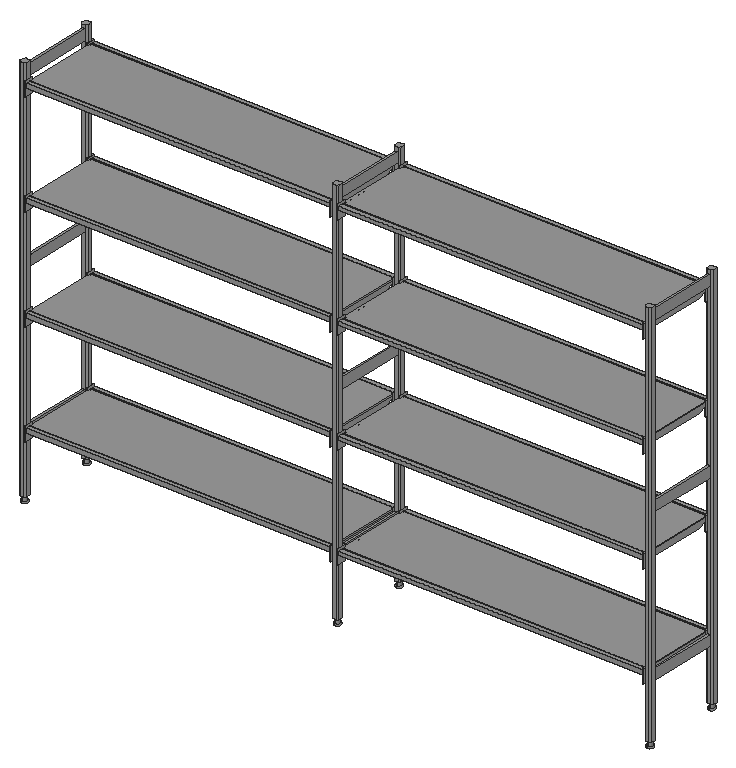
Revit family "QF_ZANUSSI_137028_ALS2760", category Attrezzature speciali, Revit 2020
Family settings
  Quota connettore circolare = Usa diametro
  Tipo di parte = Normale
  Basato su piano di lavoro = No
  Sempre verticale = Sì
  Taglio con vuoti quando caricato = No
  Condiviso = No
  Punto di calcolo locali = No
Parameters (values of type "Standard")
  Weight = 43.00 kg
  Watts = 0 W
  Volts = 0 V
  URL Manufacturer = "http://www.zanussiprofessional.com"
  URL = "http://www.zanussiprofessional.com"
  Steam Supply Size = 0 mm
  Steam Supply Minimum Pressure = 0.0 Pa
  Steam Supply Maximum Pressure = 0.0 Pa
  Steam Consumption per Hour = 0
  Refrigeration Suction Line Size = 0.0 mm
  Refrigeration Liquid Line Size = 0.0 mm
  Refrigerant Compressor Remote = yes
  Prospetto di default = 0.0 mm
  Phase = 0
  Modello = "ALS2760"
  Produttore = "Zanussi"
  Length Actual = 2760.0 mm  # constant formula
  Item Number = "137028"
  Hot Water Size = 0 mm
  Height Actual = 1700.0 mm  # constant formula
  HP = "0 HP"
  Gas Size = 0 mm
  Gas KW = 0
  Gas Input Pressure = 0 W
  Direct Waste Size = 0 mm
  Descrizione = "ALUM.LINEAR SHELV.-POLY.TIERS-373X2760MM"
  Depth Actual = 373.0 mm  # constant formula
  Cycle = 0 Hz
  Condensate Return Size = 0 mm
  Compressed Air Volume = 0.0 L/s
  Compressed Air Size = 0 mm
  Compressed Air Pressure = 0.0 Pa
  Cold Water Size = 0 mm
  Accessory = yes
Reference planes
  plane 1: z = 0
  plane 2 "CenterLeft": x = -31
  plane 3 "LEFT": x = -417
  plane 4 "BACK": y = 23
  plane 5 "FRONT": y = -350
  plane 6 "TOP": z = 1700
  plane 7: x = -385
  plane 8: x = 945
  plane 9 "Center (Front/Back)": y = -163.5
  plane 10: y = -8.5
  plane 11: y = -318.5
  plane 12 "FEET": z = 25
  plane 13: z = 275
  plane 14: z = 725
  plane 15: z = 1175
  plane 16: z = 1625
  plane 17 "CXLeft": x = -403
  plane 18 "Center (Left/Right)": x = 963
  plane 19: y = 5.5
  plane 20 "CYBack": y = 5.5
  plane 21 "CYFront": y = -332.5
  plane 22 "RIGHT": x = 2343
  plane 23: x = 2311
  plane 24 "CXRight": x = 2329
  plane 25: x = 981
Forms (mm)
  Extrusion 1, solid, material "QF_Aluminum"
    sketch origin (-417, 0, -4.006) x (0, 1, 0) y (0, 0, 1)
      loop
        line (-12, 1637.003) -> (4, 1637.003) -> (4, 1655) -> (2.007, 1655) -> (2.007, 1648.501) -> (-329, 1648.501) -> (-329, 1655) -> (-331, 1655) -> (-331, 1637.003) -> (-315, 1637.003) -> (-281, 1625) -> (-46, 1625) -> (-12, 1637.003)
      loop
        line (-12, 1187.003) -> (4, 1187.003) -> (4, 1205) -> (2.007, 1205) -> (2.007, 1198.501) -> (-329, 1198.501) -> (-329, 1205) -> (-331, 1205) -> (-331, 1187.003) -> (-315, 1187.003) -> (-281, 1175) -> (-46, 1175) -> (-12, 1187.003)
      loop
        line (-12, 737.003) -> (4, 737.003) -> (4, 755) -> (2.007, 755) -> (2.007, 748.501) -> (-329, 748.501) -> (-329, 755) -> (-331, 755) -> (-331, 737.003) -> (-315, 737.003) -> (-281, 725) -> (-46, 725) -> (-12, 737.003)
      loop
        line (-12, 287.003) -> (4, 287.003) -> (4, 305) -> (2.007, 305) -> (2.007, 298.501) -> (-329, 298.501) -> (-329, 305) -> (-331, 305) -> (-331, 287.003) -> (-315, 287.003) -> (-281, 275) -> (-46, 275) -> (-12, 287.003)
    from 37 to 32
  Extrusion 2, solid, material "QF_Aluminum"
    sketch origin (-417, 0, 0) x (0, 1, 0) y (0, 0, 1)
      loop
        line (23, 246.005) -> (23, 307.993) -> (-12.993, 307.993) -> (-12.993, 246.005) -> (23, 246.005)
      loop
        line (-350, 246.005) -> (-314.007, 246.005) -> (-314.007, 307.993) -> (-350, 307.993) -> (-350, 246.005)
      loop
        line (23, 696.005) -> (23, 757.993) -> (-12.993, 757.993) -> (-12.993, 696.005) -> (23, 696.005)
      loop
        line (-350, 696.005) -> (-314.007, 696.005) -> (-314.007, 757.993) -> (-350, 757.993) -> (-350, 696.005)
      loop
        line (23, 1146.005) -> (23, 1207.993) -> (-12.993, 1207.993) -> (-12.993, 1146.005) -> (23, 1146.005)
      loop
        line (-350, 1146.005) -> (-314.007, 1146.005) -> (-314.007, 1207.993) -> (-350, 1207.993) -> (-350, 1146.005)
      loop
        line (23, 1596.005) -> (23, 1657.993) -> (-12.993, 1657.993) -> (-12.993, 1596.005) -> (23, 1596.005)
      loop
        line (-350, 1596.005) -> (-314.007, 1596.005) -> (-314.007, 1657.993) -> (-350, 1657.993) -> (-350, 1596.005)
    from 28 to 32
  Extrusion 3, solid, material "QF_Aluminum"
    sketch origin (-417, 0, 0) x (0, 1, 0) y (0, 0, 1)
      loop
        line (4, 1650.994) -> (4, 1632.998) -> (23, 1632.998) -> (23, 1650.994) -> (4, 1650.994)
      loop
        line (-331, 1650.994) -> (-350, 1650.994) -> (-350, 1632.998) -> (-331, 1632.998) -> (-331, 1650.994)
      loop
        line (4, 1200.994) -> (4, 1182.998) -> (23, 1182.998) -> (23, 1200.994) -> (4, 1200.994)
      loop
        line (-331, 1200.994) -> (-350, 1200.994) -> (-350, 1182.998) -> (-331, 1182.998) -> (-331, 1200.994)
      loop
        line (4, 750.994) -> (4, 732.998) -> (23, 732.998) -> (23, 750.994) -> (4, 750.994)
      loop
        line (-331, 750.994) -> (-350, 750.994) -> (-350, 732.998) -> (-331, 732.998) -> (-331, 750.994)
      loop
        line (4, 300.994) -> (4, 282.998) -> (23, 282.998) -> (23, 300.994) -> (4, 300.994)
      loop
        line (-331, 300.994) -> (-350, 300.994) -> (-350, 282.998) -> (-331, 282.998) -> (-331, 300.994)
    from 32 to 1362
  Extrusion 4, solid, material "QF_Polyethylene"
    sketch origin (-417, 0, 0) x (0, 1, 0) y (0, 0, 1)
      loop
        line (2.007, 1650.994) -> (-329, 1650.994) -> (-329, 1644.496) -> (2.007, 1644.496) -> (2.007, 1650.994)
      loop
        line (2.007, 1200.994) -> (-329, 1200.994) -> (-329, 1194.496) -> (2.007, 1194.496) -> (2.007, 1200.994)
      loop
        line (2.007, 750.994) -> (-329, 750.994) -> (-329, 744.496) -> (2.007, 744.496) -> (2.007, 750.994)
      loop
        line (2.007, 300.994) -> (-329, 300.994) -> (-329, 294.496) -> (2.007, 294.496) -> (2.007, 300.994)
    from 32 to 1362
  Extrusion 5, solid, material "QF_Aluminum"
    sketch origin (2343, 0, 0) x (0, 1, 0) y (0, 0, 1)
      loop
        line (4, 1650.994) -> (4, 1632.998) -> (23, 1632.998) -> (23, 1650.994) -> (4, 1650.994)
      loop
        line (-331, 1650.994) -> (-350, 1650.994) -> (-350, 1632.998) -> (-331, 1632.998) -> (-331, 1650.994)
      loop
        line (4, 1200.994) -> (4, 1182.998) -> (23, 1182.998) -> (23, 1200.994) -> (4, 1200.994)
      loop
        line (-331, 1200.994) -> (-350, 1200.994) -> (-350, 1182.998) -> (-331, 1182.998) -> (-331, 1200.994)
      loop
        line (4, 750.994) -> (4, 732.998) -> (23, 732.998) -> (23, 750.994) -> (4, 750.994)
      loop
        line (-331, 750.994) -> (-350, 750.994) -> (-350, 732.998) -> (-331, 732.998) -> (-331, 750.994)
      loop
        line (4, 300.994) -> (4, 282.998) -> (23, 282.998) -> (23, 300.994) -> (4, 300.994)
      loop
        line (-331, 300.994) -> (-350, 300.994) -> (-350, 282.998) -> (-331, 282.998) -> (-331, 300.994)
    from -32 to -1362
  Extrusion 6, solid, material "QF_Polyethylene"
    sketch origin (2343, 0, 0) x (0, 1, 0) y (0, 0, 1)
      loop
        line (2.007, 1650.994) -> (-329, 1650.994) -> (-329, 1644.496) -> (2.007, 1644.496) -> (2.007, 1650.994)
      loop
        line (2.007, 1200.994) -> (-329, 1200.994) -> (-329, 1194.496) -> (2.007, 1194.496) -> (2.007, 1200.994)
      loop
        line (2.007, 750.994) -> (-329, 750.994) -> (-329, 744.496) -> (2.007, 744.496) -> (2.007, 750.994)
      loop
        line (2.007, 300.994) -> (-329, 300.994) -> (-329, 294.496) -> (2.007, 294.496) -> (2.007, 300.994)
    from -32 to -1362
Lines and regions (mm)
  symbolic lines
    curve 1: line (945, 4, 1700) -> (-385, 4, 1700)
    curve 2: line (-408, -8.5, 1700) -> (-408, -318.5, 1700)
    curve 3: line (-398, -318.5, 1700) -> (-398, -8.5, 1700)
    curve 4: line (-389, 23, 1700) -> (949, 23, 1700)
    curve 5: line (-385, -350, 1700) -> (945, -350, 1700)
    curve 6: line (977, 23, 1700) -> (2315, 23, 1700)
    curve 7: line (977, -350, 1700) -> (2315, -350, 1700)
    curve 8: line (-385, -331, 1700) -> (945, -331, 1700)
    curve 9: line (981, -331, 1700) -> (2311, -331, 1700)
    curve 10: line (981, 4, 1700) -> (2311, 4, 1700)
    curve 11: line (2311, -12.993, 1700) -> (2311, -314.007, 1700)
    curve 12: line (945, -12.993, 1700) -> (945, -314.007, 1700)
    curve 13: line (981, -314.007, 1700) -> (981, -12.993, 1700)
    curve 14: line (-385, -12.993, 1700) -> (-385, -314.007, 1700)
Dimensions and locks
  plane 3 "LEFT" to plane 2 "CenterLeft" = 386.0 mm
  locked: plane 6 "TOP" to level at 1700
  locked: plane 4 "BACK" to plane 5 "FRONT" at 373
  locked: plane 7 to plane 8 at 1330
  locked: plane 10 to plane 11 at 310
  equal spacing: plane 10, plane 9 "Center (Front/Back)", plane 11
  equal spacing: plane 4 "BACK", plane 9 "Center (Front/Back)", plane 5 "FRONT"
  plane 12 "FEET" to level = 25.0 mm
  plane 6 "TOP" to plane 12 "FEET" = 1675.0 mm
  plane 13 to plane 12 "FEET" = 250.0 mm
  plane 14 to plane 13 = 450.0 mm
  plane 15 to plane 14 = 450.0 mm
  plane 16 to plane 15 = 450.0 mm
  locked: plane 4 "BACK" to plane 20 "CYBack" at 17.5
  locked: plane 21 "CYFront" to plane 5 "FRONT" at 17.5
  locked: plane 4 "BACK" to Extrusion 1 at 19
  locked: Extrusion 1 to plane 5 "FRONT" at 19
  Extrusion 1 sketch curve to plane 21 "CYFront" = 3.5 mm
  plane 3 "LEFT" to plane 22 "RIGHT" = 2760.0 mm
  locked: plane 25 to plane 23 at 1330
  locked: plane 8 to plane 18 "Center (Left/Right)" at 18
  locked: plane 18 "Center (Left/Right)" to plane 25 at 18
  locked: plane 3 "LEFT" to plane 7 at 32
  locked: plane 24 "CXRight" to plane 22 "RIGHT" at 14
  aligned and locked: level to plane 1
  aligned and locked: plane 7 to Extrusion 1
  aligned and locked: Extrusion 2 to plane 7
  aligned and locked: plane 7 to Extrusion 4
  aligned and locked: Extrusion 4 to plane 8
  aligned and locked: plane 7 to Extrusion 3
  aligned and locked: Extrusion 3 to plane 8
  aligned and locked: Extrusion 3 sketch curve to Extrusion 1
  aligned and locked: Extrusion 1 to Extrusion 3 sketch curve
  aligned and locked: Extrusion 3 sketch curve to Extrusion 3 sketch curve  (x2)
  aligned and locked: Extrusion 1 sketch curve to Extrusion 1 sketch curve  (x3)
  aligned and locked: Extrusion 4 sketch curve to Extrusion 1  (x4)
  aligned and locked: Extrusion 5 sketch curve to Extrusion 5 sketch curve  (x2)
  aligned and locked: Extrusion 5 to plane 25
  aligned and locked: Extrusion 6 to plane 25
  aligned and locked: plane 18 "Center (Left/Right)" to nested 3
  aligned and locked: plane 17 "CXLeft" to nested 1
  aligned and locked: Extrusion 3 to plane 7  (x3)
  aligned and locked: plane 8 to Extrusion 3  (x4)
  aligned and locked: plane 25 to Extrusion 5  (x4)
  aligned and locked: plane 25 to Extrusion 6  (x4)
  aligned and locked: plane 8 to Extrusion 4  (x4)
  aligned and locked: plane 24 "CXRight" to nested 2
  aligned and locked: Extrusion 5 to plane 23
  aligned and locked: Extrusion 6 to plane 23
  aligned and locked: plane 23 to Extrusion 5  (x3)
  aligned and locked: plane 23 to Extrusion 6  (x3)
Automatic sketch dimensions
  plane 21 "CYFront" to Extrusion 1 sketch curve = 1.5 mm  (x4)
  plane 11 to Extrusion 1 sketch curve = 3.5 mm  (x4)
  Extrusion 1 sketch curve to plane 13 = 4.006 mm
  Extrusion 1 sketch curve to Extrusion 1 sketch curve = 34.0 mm  (x4)
  Extrusion 1 sketch curve to plane 14 = 4.006 mm
  Extrusion 1 sketch curve to plane 15 = 4.006 mm
  Extrusion 1 sketch curve to plane 16 = 4.006 mm
  Extrusion 1 sketch curve to plane 10 = 37.5 mm  (x4)
  Extrusion 1 sketch curve to plane 10 = 3.5 mm  (x4)
  plane 19 to Extrusion 1 sketch curve = 3.493 mm  (x4)
  plane 19 to Extrusion 1 sketch curve = 1.5 mm  (x4)
  plane 13 to Extrusion 1 sketch curve = 7.998 mm  (x2)
  Extrusion 1 sketch curve to Extrusion 1 sketch curve = 11.498 mm  (x4)
  Extrusion 1 sketch curve to Extrusion 1 sketch curve = 6.499 mm  (x8)
  plane 14 to Extrusion 1 sketch curve = 7.998 mm  (x2)
  plane 15 to Extrusion 1 sketch curve = 7.998 mm  (x2)
  plane 16 to Extrusion 1 sketch curve = 7.998 mm  (x2)
  Extrusion 2 sketch curve to plane 5 "FRONT" = 0.0 mm  (x4)
  Extrusion 2 sketch curve to plane 4 "BACK" = 0.0 mm  (x4)
  plane 11 to Extrusion 2 sketch curve = 4.493 mm  (x4)
  Extrusion 2 sketch curve to plane 10 = 4.493 mm  (x4)
  Extrusion 2 sketch curve to plane 13 = 28.995 mm  (x2)
  plane 13 to Extrusion 2 sketch curve = 32.993 mm  (x2)
  Extrusion 2 sketch curve to plane 14 = 28.995 mm  (x2)
  plane 14 to Extrusion 2 sketch curve = 32.993 mm  (x2)
  Extrusion 2 sketch curve to plane 15 = 28.995 mm  (x2)
  plane 15 to Extrusion 2 sketch curve = 32.993 mm  (x2)
  Extrusion 2 sketch curve to plane 16 = 28.995 mm  (x2)
  plane 16 to Extrusion 2 sketch curve = 32.993 mm  (x2)
  Extrusion 3 sketch curve to plane 5 "FRONT" = 0.0 mm  (x4)
  Extrusion 3 sketch curve to plane 4 "BACK" = 0.0 mm  (x4)
  plane 19 to Extrusion 3 sketch curve = 1.5 mm  (x4)
  plane 13 to Extrusion 3 sketch curve = 7.998 mm  (x2)
  Extrusion 3 sketch curve to Extrusion 3 sketch curve = 17.997 mm  (x8)
  plane 14 to Extrusion 3 sketch curve = 7.998 mm  (x2)
  plane 15 to Extrusion 3 sketch curve = 7.998 mm  (x2)
  plane 16 to Extrusion 3 sketch curve = 7.998 mm  (x2)
  plane 19 to Extrusion 4 sketch curve = 3.493 mm  (x4)
  plane 13 to Extrusion 4 sketch curve = 19.496 mm
  Extrusion 4 sketch curve to Extrusion 4 sketch curve = 6.499 mm  (x4)
  plane 14 to Extrusion 4 sketch curve = 19.496 mm
  plane 15 to Extrusion 4 sketch curve = 19.496 mm
  plane 16 to Extrusion 4 sketch curve = 19.496 mm
  Extrusion 5 sketch curve to plane 5 "FRONT" = 0.0 mm  (x4)
  Extrusion 5 sketch curve to plane 4 "BACK" = 0.0 mm  (x4)
  plane 21 "CYFront" to Extrusion 5 sketch curve = 1.5 mm  (x2)
  plane 19 to Extrusion 5 sketch curve = 1.5 mm  (x4)
  plane 13 to Extrusion 5 sketch curve = 7.998 mm  (x2)
  Extrusion 5 sketch curve to Extrusion 5 sketch curve = 17.997 mm  (x8)
  plane 14 to Extrusion 5 sketch curve = 7.998 mm  (x2)
  plane 15 to Extrusion 5 sketch curve = 7.998 mm  (x2)
  plane 16 to Extrusion 5 sketch curve = 7.998 mm  (x2)
  plane 21 "CYFront" to Extrusion 6 sketch curve = 3.5 mm  (x4)
  plane 19 to Extrusion 6 sketch curve = 3.493 mm  (x4)
  plane 13 to Extrusion 6 sketch curve = 19.496 mm
  Extrusion 6 sketch curve to Extrusion 6 sketch curve = 6.499 mm  (x4)
  plane 14 to Extrusion 6 sketch curve = 19.496 mm
  plane 15 to Extrusion 6 sketch curve = 19.496 mm
  plane 16 to Extrusion 6 sketch curve = 19.496 mm
  curve 7 to plane 5 "FRONT" = 0.0 mm
  curve 5 to plane 5 "FRONT" = 0.0 mm
  curve 8 to plane 8 = 0.0 mm
  curve 9 to plane 25 = 0.0 mm
  curve 9 to plane 23 = 0.0 mm
  curve 8 to plane 7 = 0.0 mm
  curve 2 to plane 11 = 0.0 mm
  curve 3 to plane 11 = 0.0 mm
  curve 14 to plane 7 = 0.0 mm
  curve 13 to plane 25 = 0.0 mm
  curve 12 to plane 8 = 0.0 mm
  curve 11 to plane 23 = 0.0 mm
  curve 3 to plane 10 = 0.0 mm
  curve 2 to plane 10 = 0.0 mm
  curve 1 to plane 8 = 0.0 mm
  curve 1 to plane 7 = 0.0 mm
  curve 10 to plane 23 = 0.0 mm
  curve 10 to plane 25 = 0.0 mm
  curve 4 to plane 4 "BACK" = 0.0 mm
  curve 6 to plane 4 "BACK" = 0.0 mm
  curve 5 to plane 8 = 0.0 mm
  curve 5 to plane 7 = 0.0 mm
  plane 21 "CYFront" to curve 8 = 1.5 mm
  plane 21 "CYFront" to curve 9 = 1.5 mm
  plane 11 to curve 14 = 4.493 mm
  plane 11 to curve 13 = 4.493 mm
  plane 11 to curve 12 = 4.493 mm
  plane 11 to curve 11 = 4.493 mm
  curve 14 to plane 10 = 4.493 mm
  curve 13 to plane 10 = 4.493 mm
  curve 12 to plane 10 = 4.493 mm
  curve 11 to plane 10 = 4.493 mm
  plane 19 to curve 1 = 1.5 mm
  plane 19 to curve 10 = 1.5 mm
  curve 6 to plane 23 = 4.0 mm
  curve 7 to plane 23 = 4.0 mm
  curve 6 to plane 25 = 4.0 mm
  curve 7 to plane 25 = 4.0 mm
  curve 4 to plane 8 = 4.0 mm
  plane 7 to curve 4 = 4.0 mm
  plane 17 "CXLeft" to curve 3 = 5.0 mm
  curve 2 to plane 17 "CXLeft" = 5.0 mm
Nested families
  nested 1: "WT_Anta373" at (0, 0, 0), type "WT_Anta373"
  nested 2: "WT_Anta373" at (1926, 0, 0) x (-1, 0, 0) z (0, 0, 1), type "WT_Anta373"
  nested 3: "WT_Anta373Center" at (1366, 0, 0), type "WT_Anta373Center"
Definition of nested family "WT_Anta373"
  Parameters
    WidthLeft = A + 64.0 mm  # 772.0 mm
    Width = 1606.0 mm
    Right = WidthLeft / 2  # 386.0 mm
    Default Elevation = 0.0 mm
    Left = -WidthLeft / 2  # -386.0 mm
    Height = 1725.0 mm
    FEET = 25.0 mm
    E = 0.0 mm
    Dint = Depth - 63.0 mm  # 310.0 mm
    Dext = Depth - 8.0 mm  # 365.0 mm
    Depth = 373.0 mm
    DX = (WidthLeft - A) / 2  # 32.0 mm
    B = 798.0 mm
    A = 708.0 mm
  Reference planes
    plane 1: z = 0
    plane 2 "LEFT": x = -417
    plane 3 "BACK": y = 23
    plane 4 "FRONT": y = -350
    plane 5 "TOP": z = 1725
    plane 6 "Center (Front/Back)": y = -163.5
    plane 7: y = -8.5
    plane 8: y = -318.5
    plane 9 "FEET": z = 25
    plane 10: z = 275
    plane 11: z = 725
    plane 12: z = 1175
    plane 13: z = 1625
    plane 14 "CXLeft": x = -403
    plane 15: y = 5.5
    plane 16 "CYBack": y = 5.5
    plane 17 "CYFront": y = -332.5
    plane 18: x = -385.031
    plane 19: x = -380.031
  Forms (mm)
    Extrusion 1, solid
      sketch origin (0, 0, 0) x (1, 0, 0) y (0, 1, 0)
        loop
          line (-417, 13.246) -> (-417, -2.246) -> (-410.746, -8.5) -> (-395.254, -8.5) -> (-389, -2.246) -> (-389, 13.246) -> (-395.254, 19.5) -> (-410.746, 19.5) -> (-417, 13.246)
      from 1725 to 25
    Extrusion 2, solid
      sketch origin (-417, 0, 0) x (0, 1, 0) y (0, 0, 1)
        loop
          line (23, 246.005) -> (23, 307.993) -> (-12.993, 307.993) -> (-12.993, 246.005) -> (23, 246.005)
        loop
          line (-350, 246.005) -> (-314.007, 246.005) -> (-314.007, 307.993) -> (-350, 307.993) -> (-350, 246.005)
        loop
          line (23, 696.005) -> (23, 757.993) -> (-12.993, 757.993) -> (-12.993, 696.005) -> (23, 696.005)
        loop
          line (-350, 696.005) -> (-314.007, 696.005) -> (-314.007, 757.993) -> (-350, 757.993) -> (-350, 696.005)
        loop
          line (23, 1146.005) -> (23, 1207.993) -> (-12.993, 1207.993) -> (-12.993, 1146.005) -> (23, 1146.005)
        loop
          line (-350, 1146.005) -> (-314.007, 1146.005) -> (-314.007, 1207.993) -> (-350, 1207.993) -> (-350, 1146.005)
        loop
          line (23, 1596.005) -> (23, 1657.993) -> (-12.993, 1657.993) -> (-12.993, 1596.005) -> (23, 1596.005)
        loop
          line (-350, 1596.005) -> (-314.007, 1596.005) -> (-314.007, 1657.993) -> (-350, 1657.993) -> (-350, 1596.005)
      from 28 to 32
    Revolve 3, solid
      sketch origin (-403, 0, 0) x (0, 1, 0) y (0, 0, 1)
        loop
          line (5.5, 25) -> (5.5, 0) -> (19, 0) -> (19, 5) -> (14, 5) -> (14, 25) -> (5.5, 25)
        axis (5.5, 25) -> (5.5, 0)
      angle from 0 to 360
    Extrusion 4, solid
      sketch origin (-403, 0, 0) x (0, 1, 0) y (0, 0, 1)
        loop
          line (-8.5, 912.382) -> (-8.5, 957.374) -> (-318.5, 957.374) -> (-318.5, 912.382) -> (-8.5, 912.382)
        loop
          line (-8.5, 1662.244) -> (-8.5, 1707.236) -> (-318.5, 1707.236) -> (-318.5, 1662.244) -> (-8.5, 1662.244)
      from -5 to 5
    Revolve 5, solid
      sketch origin (-403, -627, 0) x (0, -1, 0) y (0, 0, 1)
        loop
          line (-294.5, 25) -> (-294.5, 0) -> (-281, 0) -> (-281, 5) -> (-286, 5) -> (-286, 25) -> (-294.5, 25)
        axis (-294.5, 25) -> (-294.5, 0)
      angle from 0 to 360
    Extrusion 6, solid
      sketch origin (0, -627, 0) x (1, 0, 0) y (0, 1, 0)
        loop
          line (-417, 286.754) -> (-410.746, 280.5) -> (-395.254, 280.5) -> (-389, 286.754) -> (-389, 302.246) -> (-395.254, 308.5) -> (-410.746, 308.5) -> (-417, 302.246) -> (-417, 286.754)
      from 1725 to 25
    Extrusion 7, solid
      sketch origin (-417.031, -0.022, 0) x (0, 1, 0) y (0, 0, -1)
        loop
          line (-12, -1632.998) -> (-46, -1620.994) -> (-281, -1620.994) -> (-315, -1632.998) -> (-331, -1632.998) -> (-331, -1650.994) -> (-329, -1650.994) -> (-329, -1644.496) -> (2.007, -1644.496) -> (2.007, -1650.994) -> (4, -1650.994) -> (4, -1632.998) -> (-12, -1632.998)
        loop
          line (-12, -1182.998) -> (-46, -1170.994) -> (-281, -1170.994) -> (-315, -1182.998) -> (-331, -1182.998) -> (-331, -1200.994) -> (-329, -1200.994) -> (-329, -1194.496) -> (2.007, -1194.496) -> (2.007, -1200.994) -> (4, -1200.994) -> (4, -1182.998) -> (-12, -1182.998)
        loop
          line (-12, -732.998) -> (-46, -720.994) -> (-281, -720.994) -> (-315, -732.998) -> (-331, -732.998) -> (-331, -750.994) -> (-329, -750.994) -> (-329, -744.496) -> (2.007, -744.496) -> (2.007, -750.994) -> (4, -750.994) -> (4, -732.998) -> (-12, -732.998)
        loop
          line (-12, -282.998) -> (-46, -270.994) -> (-281, -270.994) -> (-315, -282.998) -> (-331, -282.998) -> (-331, -300.994) -> (-329, -300.994) -> (-329, -294.496) -> (2.007, -294.496) -> (2.007, -300.994) -> (4, -300.994) -> (4, -282.998) -> (-12, -282.998)
      from -32 to -37
    Extrusion 8, solid
      sketch origin (-403, 0, -659.878) x (0, 1, 0) y (0, 0, 1)
        loop
          line (-8.5, 912.382) -> (-8.5, 957.374) -> (-318.5, 957.374) -> (-318.5, 912.382) -> (-8.5, 912.382)
        loop
          line (-8.5, 1572.382) -> (-8.5, 1617.374) -> (-318.5, 1617.374) -> (-318.5, 1572.382) -> (-8.5, 1572.382)
        loop
          line (-8.5, 2322.382) -> (-8.5, 2367.374) -> (-318.5, 2367.374) -> (-318.5, 2322.382) -> (-8.5, 2322.382)
      from -5 to 5
  Lines and regions (mm)
    symbolic lines
      curve 1: line (-408, -8.5, 1725) -> (-408, -318.5, 1725)
      curve 2: line (-398, -318.5, 1725) -> (-398, -8.5, 1725)
      curve 3: line (-395.254, -8.5, 1725) -> (-410.746, -8.5, 1725)
      curve 4: line (-417, -2.246, 1725) -> (-410.746, -8.5, 1725)
      curve 5: line (-417, 13.246, 1725) -> (-417, -2.246, 1725)
      curve 6: line (-410.746, 19.5, 1725) -> (-417, 13.246, 1725)
      curve 7: line (-395.254, 19.5, 1725) -> (-410.746, 19.5, 1725)
      curve 8: line (-389, 13.246, 1725) -> (-395.254, 19.5, 1725)
      curve 9: line (-395.254, -8.5, 1725) -> (-389, -2.246, 1725)
      curve 10: line (-395.254, -318.5, 1725) -> (-410.746, -318.5, 1725)
      curve 11: line (-417, -324.754, 1725) -> (-410.746, -318.5, 1725)
      curve 12: line (-410.746, -346.5, 1725) -> (-417, -340.246, 1725)
      curve 13: line (-395.254, -346.5, 1725) -> (-410.746, -346.5, 1725)
      curve 14: line (-389, -340.246, 1725) -> (-395.254, -346.5, 1725)
      curve 15: line (-395.254, -318.5, 1725) -> (-389, -324.754, 1725)
      curve 16: line (-389, -350, 1725) -> (-389, -314.007, 1725)
      curve 17: line (-389, -314.007, 1725) -> (-385, -314.007, 1725)
      curve 18: line (-389, 23, 1725) -> (-389, -12.993, 1725)
      curve 19: line (-389, -12.993, 1725) -> (-385, -12.993, 1725)
      curve 20: line (-417, -324.754, 1725) -> (-417, -340.246, 1725)
      curve 21: line (-385, -350, 1725) -> (-385, -314.007, 1725)
      curve 22: line (-385, -350, 1725) -> (-389, -350, 1725)
      curve 23: line (-385, 23, 1725) -> (-389, 23, 1725)
      curve 24: line (-385, -12.993, 1725) -> (-385, 23, 1725)
      curve 25: line (-385.031, -13.016, 1725) -> (-385.031, -314.029, 1725)
  Dimensions and locks
    "Height": plane 5 "TOP" to level
    "Depth": plane 3 "BACK" to plane 4 "FRONT"
    "Dint": plane 7 to plane 8
    equal spacing: plane 7, plane 6 "Center (Front/Back)", plane 8
    equal spacing: plane 3 "BACK", plane 6 "Center (Front/Back)", plane 4 "FRONT"
    plane 9 "FEET" to level = 25.0 mm
    plane 5 "TOP" to plane 9 "FEET" = 1700.0 mm
    plane 10 to plane 9 "FEET" = 250.0 mm
    plane 11 to plane 10 = 450.0 mm
    plane 12 to plane 11 = 450.0 mm
    plane 13 to plane 12 = 450.0 mm
    locked: plane 2 "LEFT" to plane 14 "CXLeft" at 14
    locked: plane 3 "BACK" to plane 16 "CYBack" at 17.5
    locked: plane 17 "CYFront" to plane 4 "FRONT" at 17.5
    locked: Revolve 3 sketch curve to Revolve 3 sketch curve at 8.5
    locked: Revolve 3 sketch curve to plane 16 "CYBack" at 13.5
    locked: Revolve 5 sketch curve to Revolve 5 sketch curve at 8.5
    aligned and locked: level to plane 1
    aligned and locked: curve 20 to Extrusion 6
    aligned and locked: plane 5 "TOP" to Extrusion 1
    aligned and locked: plane 5 "TOP" to Extrusion 6
    aligned and locked: Extrusion 7 sketch curve to Extrusion 7 sketch curve  (x3)
  Automatic sketch dimensions
    curve 16 to plane 4 "FRONT" = 0.0 mm
    curve 11 to plane 8 = 0.0 mm
    curve 9 to plane 7 = 0.0 mm
    curve 5 to plane 2 "LEFT" = 0.0 mm
    curve 23 to plane 3 "BACK" = 0.0 mm
    plane 4 "FRONT" to curve 13 = 3.5 mm
    curve 20 to plane 17 "CYFront" = 7.746 mm
    curve 20 to plane 8 = 6.254 mm
    plane 8 to curve 16 = 4.493 mm
    curve 24 to plane 18 = 0.031 mm
    curve 24 to plane 7 = 4.493 mm
    plane 7 to curve 5 = 6.254 mm
    curve 5 to plane 15 = 7.746 mm
    curve 6 to plane 3 "BACK" = 3.5 mm
    curve 21 to plane 18 = 0.031 mm
    plane 18 to curve 23 = 3.969 mm
    plane 18 to curve 16 = 3.969 mm
    curve 18 to curve 8 = 6.254 mm
    curve 18 to curve 3 = 6.254 mm
    curve 16 to curve 13 = 6.254 mm
    curve 16 to curve 15 = 6.254 mm
    plane 2 "LEFT" to curve 10 = 6.254 mm
    plane 2 "LEFT" to curve 7 = 6.254 mm
    plane 2 "LEFT" to curve 12 = 6.254 mm
    plane 2 "LEFT" to curve 3 = 6.254 mm
    curve 14 to plane 17 "CYFront" = 7.746 mm
    curve 15 to plane 8 = 6.254 mm
    plane 7 to curve 9 = 6.254 mm
    curve 8 to plane 15 = 7.746 mm
    curve 3 to curve 2 = 2.746 mm
    curve 1 to curve 10 = 2.746 mm
    Extrusion 1 sketch curve to plane 2 "LEFT" = 0.0 mm
    Extrusion 1 sketch curve to plane 7 = 0.0 mm
    plane 2 "LEFT" to Extrusion 1 sketch curve = 6.254 mm  (x2)
    plane 14 "CXLeft" to Extrusion 1 sketch curve = 7.746 mm  (x2)
    Extrusion 1 sketch curve to plane 3 "BACK" = 3.5 mm
    plane 18 to Extrusion 1 sketch curve = 3.969 mm
    plane 7 to Extrusion 1 sketch curve = 6.254 mm  (x2)
    Extrusion 1 sketch curve to plane 15 = 7.746 mm  (x2)
    Extrusion 2 sketch curve to plane 4 "FRONT" = 0.0 mm  (x4)
    Extrusion 2 sketch curve to plane 3 "BACK" = 0.0 mm  (x4)
    plane 8 to Extrusion 2 sketch curve = 4.493 mm  (x4)
    Extrusion 2 sketch curve to plane 7 = 4.493 mm  (x4)
    Extrusion 2 sketch curve to plane 10 = 28.995 mm  (x2)
    plane 10 to Extrusion 2 sketch curve = 32.993 mm  (x2)
    Extrusion 2 sketch curve to plane 11 = 28.995 mm  (x2)
    plane 11 to Extrusion 2 sketch curve = 32.993 mm  (x2)
    Extrusion 2 sketch curve to plane 12 = 28.995 mm  (x2)
    plane 12 to Extrusion 2 sketch curve = 32.993 mm  (x2)
    Extrusion 2 sketch curve to plane 13 = 28.995 mm  (x2)
    plane 13 to Extrusion 2 sketch curve = 32.993 mm  (x2)
    Revolve 3 sketch curve to plane 9 "FEET" = 0.0 mm  (x2)
    Revolve 3 sketch curve to plane 15 = 0.0 mm  (x2)
    Revolve 3 sketch curve to level = 0.0 mm
    level to Revolve 3 sketch curve = 5.0 mm
    Revolve 3 sketch curve to Revolve 3 sketch curve = 11.655 mm
    Extrusion 4 sketch curve to plane 8 = 0.0 mm  (x2)
    Extrusion 4 sketch curve to plane 7 = 0.0 mm  (x2)
    plane 11 to Extrusion 4 sketch curve = 187.382 mm
    Extrusion 4 sketch curve to Extrusion 4 sketch curve = 44.992 mm
    plane 13 to Extrusion 4 sketch curve = 37.244 mm
    Extrusion 4 sketch curve to plane 5 "TOP" = 17.764 mm
    Revolve 5 sketch curve to plane 9 "FEET" = 0.0 mm  (x2)
    Revolve 5 sketch curve to plane 17 "CYFront" = 0.0 mm  (x2)
    Revolve 5 sketch curve to level = 0.0 mm
    Revolve 5 sketch curve to plane 4 "FRONT" = 4.0 mm
    Revolve 5 sketch curve to Revolve 5 sketch curve = 5.0 mm
    level to Revolve 5 sketch curve = 11.655 mm
    Extrusion 6 sketch curve to plane 2 "LEFT" = 0.0 mm
    Extrusion 6 sketch curve to plane 8 = 0.0 mm
    Extrusion 6 sketch curve to plane 2 "LEFT" = 6.254 mm  (x2)
    Extrusion 6 sketch curve to plane 14 "CXLeft" = 7.746 mm  (x2)
    Extrusion 6 sketch curve to plane 4 "FRONT" = 3.5 mm
    Extrusion 6 sketch curve to plane 18 = 3.969 mm
    plane 8 to Extrusion 6 sketch curve = 6.254 mm  (x2)
    plane 17 "CYFront" to Extrusion 6 sketch curve = 7.746 mm  (x2)
    plane 17 "CYFront" to Extrusion 7 sketch curve = 1.478 mm  (x4)
    Extrusion 7 sketch curve to Extrusion 7 sketch curve = 2.0 mm
    plane 8 to Extrusion 7 sketch curve = 3.478 mm  (x4)
    Extrusion 7 sketch curve to plane 10 = 4.006 mm
    Extrusion 7 sketch curve to Extrusion 7 sketch curve = 34.0 mm  (x4)
    Extrusion 7 sketch curve to plane 11 = 4.006 mm
    Extrusion 7 sketch curve to plane 12 = 4.006 mm
    Extrusion 7 sketch curve to plane 13 = 4.006 mm
    Extrusion 7 sketch curve to plane 7 = 37.522 mm  (x4)
    Extrusion 7 sketch curve to plane 7 = 3.522 mm  (x4)
    plane 15 to Extrusion 7 sketch curve = 3.516 mm  (x4)
    plane 15 to Extrusion 7 sketch curve = 1.522 mm  (x4)
    plane 13 to Extrusion 7 sketch curve = 7.998 mm  (x2)
    Extrusion 7 sketch curve to Extrusion 7 sketch curve = 11.498 mm
    Extrusion 7 sketch curve to Extrusion 7 sketch curve = 6.499 mm  (x5)
    plane 12 to Extrusion 7 sketch curve = 25.994 mm  (x2)
    plane 12 to Extrusion 7 sketch curve = 7.998 mm  (x2)
    plane 11 to Extrusion 7 sketch curve = 25.994 mm  (x2)
    plane 11 to Extrusion 7 sketch curve = 7.998 mm  (x2)
    plane 10 to Extrusion 7 sketch curve = 25.994 mm  (x2)
    plane 10 to Extrusion 7 sketch curve = 7.998 mm  (x2)
    curve 25 to plane 18 = 0.0 mm
    plane 8 to curve 25 = 4.471 mm
    curve 25 to plane 7 = 4.516 mm
    Extrusion 8 sketch curve to plane 8 = 0.0 mm  (x3)
    Extrusion 8 sketch curve to plane 7 = 0.0 mm  (x3)
    Extrusion 8 sketch curve to plane 10 = 22.496 mm
    plane 10 to Extrusion 8 sketch curve = 22.496 mm
    plane 11 to Extrusion 8 sketch curve = 187.504 mm
    Extrusion 8 sketch curve to Extrusion 8 sketch curve = 44.992 mm
    plane 13 to Extrusion 8 sketch curve = 37.504 mm
    Extrusion 8 sketch curve to plane 5 "TOP" = 17.504 mm
Definition of nested family "WT_Anta373Center"
  Parameters
    WidthLeft = A + 64.0 mm  # 772.0 mm
    Width = 1606.0 mm
    Right = WidthLeft / 2  # 386.0 mm
    Default Elevation = 0.0 mm
    Left = -WidthLeft / 2  # -386.0 mm
    Height = 1725.0 mm
    FEET = 25.0 mm
    E = 0.0 mm
    Dint = Depth - 63.0 mm  # 310.0 mm
    Dext = Depth - 8.0 mm  # 365.0 mm
    Depth = 373.0 mm
    DX = (WidthLeft - A) / 2  # 32.0 mm
    B = 798.0 mm
    A = 708.0 mm
  Reference planes
    plane 1: z = 0
    plane 2 "L": x = -417
    plane 3 "BACK": y = 23
    plane 4 "FRONT": y = -350
    plane 5 "TOP": z = 1725
    plane 6 "Center (Front/Back)": y = -163.5
    plane 7: y = -8.5
    plane 8: y = -318.5
    plane 9 "FEET": z = 25
    plane 10: z = 275
    plane 11: z = 725
    plane 12: z = 1175
    plane 13: z = 1625
    plane 14 "CXLeft": x = -403
    plane 15: y = 5.5
    plane 16 "CYBack": y = 5.5
    plane 17 "CYFront": y = -332.5
    plane 18: x = -385.031
    plane 19 "RIGHT": x = -380.031
    plane 20: x = -420.969
    plane 21 "LEFT": x = -425.969
  Forms (mm)
    Extrusion 1, solid
      sketch origin (0, 0, 0) x (1, 0, 0) y (0, 1, 0)
        loop
          line (-417, 13.246) -> (-417, -2.246) -> (-410.746, -8.5) -> (-395.254, -8.5) -> (-389, -2.246) -> (-389, 13.246) -> (-395.254, 19.5) -> (-410.746, 19.5) -> (-417, 13.246)
      from 1725 to 25
    Extrusion 2, solid
      sketch origin (-417, 0, 0) x (0, 1, 0) y (0, 0, 1)
        loop
          line (23, 246.005) -> (23, 307.993) -> (-12.993, 307.993) -> (-12.993, 246.005) -> (23, 246.005)
        loop
          line (-350, 246.005) -> (-314.007, 246.005) -> (-314.007, 307.993) -> (-350, 307.993) -> (-350, 246.005)
        loop
          line (23, 696.005) -> (23, 757.993) -> (-12.993, 757.993) -> (-12.993, 696.005) -> (23, 696.005)
        loop
          line (-350, 696.005) -> (-314.007, 696.005) -> (-314.007, 757.993) -> (-350, 757.993) -> (-350, 696.005)
        loop
          line (23, 1146.005) -> (23, 1207.993) -> (-12.993, 1207.993) -> (-12.993, 1146.005) -> (23, 1146.005)
        loop
          line (-350, 1146.005) -> (-314.007, 1146.005) -> (-314.007, 1207.993) -> (-350, 1207.993) -> (-350, 1146.005)
        loop
          line (23, 1596.005) -> (23, 1657.993) -> (-12.993, 1657.993) -> (-12.993, 1596.005) -> (23, 1596.005)
        loop
          line (-350, 1596.005) -> (-314.007, 1596.005) -> (-314.007, 1657.993) -> (-350, 1657.993) -> (-350, 1596.005)
      from 28 to 32
    Revolve 3, solid
      sketch origin (-403, 0, 0) x (0, 1, 0) y (0, 0, 1)
        loop
          line (5.5, 25) -> (5.5, 0) -> (19, 0) -> (19, 5) -> (14, 5) -> (14, 25) -> (5.5, 25)
        axis (5.5, 25) -> (5.5, 0)
      angle from 0 to 360
    Extrusion 4, solid
      sketch origin (-403, 0, 0) x (0, 1, 0) y (0, 0, 1)
        loop
          line (-8.5, 912.382) -> (-8.5, 957.374) -> (-318.5, 957.374) -> (-318.5, 912.382) -> (-8.5, 912.382)
        loop
          line (-8.5, 1662.244) -> (-8.5, 1707.236) -> (-318.5, 1707.236) -> (-318.5, 1662.244) -> (-8.5, 1662.244)
      from -5 to 5
    Revolve 5, solid
      sketch origin (-403, -627, 0) x (0, -1, 0) y (0, 0, 1)
        loop
          line (-294.5, 25) -> (-294.5, 0) -> (-281, 0) -> (-281, 5) -> (-286, 5) -> (-286, 25) -> (-294.5, 25)
        axis (-294.5, 25) -> (-294.5, 0)
      angle from 0 to 360
    Extrusion 6, solid
      sketch origin (0, -627, 0) x (1, 0, 0) y (0, 1, 0)
        loop
          line (-417, 286.754) -> (-410.746, 280.5) -> (-395.254, 280.5) -> (-389, 286.754) -> (-389, 302.246) -> (-395.254, 308.5) -> (-410.746, 308.5) -> (-417, 302.246) -> (-417, 286.754)
      from 1725 to 25
    Extrusion 7, solid
      sketch origin (-417.031, -0.022, 0) x (0, 1, 0) y (0, 0, -1)
        loop
          line (-12, -1632.998) -> (-46, -1620.994) -> (-281, -1620.994) -> (-315, -1632.998) -> (-331, -1632.998) -> (-331, -1650.994) -> (-329, -1650.994) -> (-329, -1644.496) -> (2.007, -1644.496) -> (2.007, -1650.994) -> (4, -1650.994) -> (4, -1632.998) -> (-12, -1632.998)
        loop
          line (-12, -1182.998) -> (-46, -1170.994) -> (-281, -1170.994) -> (-315, -1182.998) -> (-331, -1182.998) -> (-331, -1200.994) -> (-329, -1200.994) -> (-329, -1194.496) -> (2.007, -1194.496) -> (2.007, -1200.994) -> (4, -1200.994) -> (4, -1182.998) -> (-12, -1182.998)
        loop
          line (-12, -732.998) -> (-46, -720.994) -> (-281, -720.994) -> (-315, -732.998) -> (-331, -732.998) -> (-331, -750.994) -> (-329, -750.994) -> (-329, -744.496) -> (2.007, -744.496) -> (2.007, -750.994) -> (4, -750.994) -> (4, -732.998) -> (-12, -732.998)
        loop
          line (-12, -282.998) -> (-46, -270.994) -> (-281, -270.994) -> (-315, -282.998) -> (-331, -282.998) -> (-331, -300.994) -> (-329, -300.994) -> (-329, -294.496) -> (2.007, -294.496) -> (2.007, -300.994) -> (4, -300.994) -> (4, -282.998) -> (-12, -282.998)
      from -32 to -37
    Extrusion 8, solid
      sketch origin (-403, 0, -659.878) x (0, 1, 0) y (0, 0, 1)
        loop
          line (-8.5, 912.382) -> (-8.5, 957.374) -> (-318.5, 957.374) -> (-318.5, 912.382) -> (-8.5, 912.382)
        loop
          line (-8.5, 1572.382) -> (-8.5, 1617.374) -> (-318.5, 1617.374) -> (-318.5, 1572.382) -> (-8.5, 1572.382)
        loop
          line (-8.5, 2322.382) -> (-8.5, 2367.374) -> (-318.5, 2367.374) -> (-318.5, 2322.382) -> (-8.5, 2322.382)
      from -5 to 5
    Extrusion 9, solid
      sketch origin (-389, 0, 0) x (0, 1, 0) y (0, 0, -1)
        loop
          line (23, -246.005) -> (-12.993, -246.005) -> (-12.993, -307.993) -> (23, -307.993) -> (23, -246.005)
        loop
          line (-350, -246.005) -> (-350, -307.993) -> (-314.007, -307.993) -> (-314.007, -246.005) -> (-350, -246.005)
        loop
          line (23, -696.005) -> (-12.993, -696.005) -> (-12.993, -757.993) -> (23, -757.993) -> (23, -696.005)
        loop
          line (-350, -696.005) -> (-350, -757.993) -> (-314.007, -757.993) -> (-314.007, -696.005) -> (-350, -696.005)
        loop
          line (23, -1146.005) -> (-12.993, -1146.005) -> (-12.993, -1207.993) -> (23, -1207.993) -> (23, -1146.005)
        loop
          line (-350, -1146.005) -> (-350, -1207.993) -> (-314.007, -1207.993) -> (-314.007, -1146.005) -> (-350, -1146.005)
        loop
          line (23, -1596.005) -> (-12.993, -1596.005) -> (-12.993, -1657.993) -> (23, -1657.993) -> (23, -1596.005)
        loop
          line (-350, -1596.005) -> (-350, -1657.993) -> (-314.007, -1657.993) -> (-314.007, -1596.005) -> (-350, -1596.005)
      from 28 to 32
    Extrusion 10, solid
      sketch origin (-388.969, -0.022, 0) x (0, 1, 0) y (0, 0, 1)
        loop
          line (-12, 1632.998) -> (4, 1632.998) -> (4, 1650.994) -> (2.007, 1650.994) -> (2.007, 1644.496) -> (-329, 1644.496) -> (-329, 1650.994) -> (-331, 1650.994) -> (-331, 1632.998) -> (-315, 1632.998) -> (-281, 1620.994) -> (-46, 1620.994) -> (-12, 1632.998)
        loop
          line (-12, 1182.998) -> (4, 1182.998) -> (4, 1200.994) -> (2.007, 1200.994) -> (2.007, 1194.496) -> (-329, 1194.496) -> (-329, 1200.994) -> (-331, 1200.994) -> (-331, 1182.998) -> (-315, 1182.998) -> (-281, 1170.994) -> (-46, 1170.994) -> (-12, 1182.998)
        loop
          line (-12, 732.998) -> (4, 732.998) -> (4, 750.994) -> (2.007, 750.994) -> (2.007, 744.496) -> (-329, 744.496) -> (-329, 750.994) -> (-331, 750.994) -> (-331, 732.998) -> (-315, 732.998) -> (-281, 720.994) -> (-46, 720.994) -> (-12, 732.998)
        loop
          line (-12, 282.998) -> (4, 282.998) -> (4, 300.994) -> (2.007, 300.994) -> (2.007, 294.496) -> (-329, 294.496) -> (-329, 300.994) -> (-331, 300.994) -> (-331, 282.998) -> (-315, 282.998) -> (-281, 270.994) -> (-46, 270.994) -> (-12, 282.998)
      from -32 to -37
  Lines and regions (mm)
    symbolic lines
      curve 1: line (-408, -8.5, 1725) -> (-408, -318.5, 1725)
      curve 2: line (-398, -318.5, 1725) -> (-398, -8.5, 1725)
      curve 3: line (-395.254, -8.5, 1725) -> (-410.746, -8.5, 1725)
      curve 4: line (-417, -2.246, 1725) -> (-410.746, -8.5, 1725)
      curve 5: line (-410.746, 19.5, 1725) -> (-417, 13.246, 1725)
      curve 6: line (-395.254, 19.5, 1725) -> (-410.746, 19.5, 1725)
      curve 7: line (-389, 13.246, 1725) -> (-395.254, 19.5, 1725)
      curve 8: line (-395.254, -8.5, 1725) -> (-389, -2.246, 1725)
      curve 9: line (-395.254, -318.5, 1725) -> (-410.746, -318.5, 1725)
      curve 10: line (-417, -324.754, 1725) -> (-410.746, -318.5, 1725)
      curve 11: line (-410.746, -346.5, 1725) -> (-417, -340.246, 1725)
      curve 12: line (-395.254, -346.5, 1725) -> (-410.746, -346.5, 1725)
      curve 13: line (-389, -340.246, 1725) -> (-395.254, -346.5, 1725)
      curve 14: line (-395.254, -318.5, 1725) -> (-389, -324.754, 1725)
      curve 15: line (-389, -350, 1725) -> (-389, -314.007, 1725)
      curve 16: line (-389, -314.007, 1725) -> (-385, -314.007, 1725)
      curve 17: line (-389, 23, 1725) -> (-389, -12.993, 1725)
      curve 18: line (-389, -12.993, 1725) -> (-385, -12.993, 1725)
      curve 19: line (-385, -350, 1725) -> (-385, -314.007, 1725)
      curve 20: line (-385, -350, 1725) -> (-389, -350, 1725)
      curve 21: line (-385, 23, 1725) -> (-389, 23, 1725)
      curve 22: line (-385, -12.993, 1725) -> (-385, 23, 1725)
      curve 23: line (-385.031, -13.016, 1725) -> (-385.031, -314.029, 1725)
      curve 24: line (-417, -350, 1725) -> (-417, -314.007, 1725)
      curve 25: line (-417, -314.007, 1725) -> (-421, -314.007, 1725)
      curve 26: line (-417, 23, 1725) -> (-417, -12.993, 1725)
      curve 27: line (-417, -12.993, 1725) -> (-421, -12.993, 1725)
      curve 28: line (-421, -350, 1725) -> (-421, -314.007, 1725)
      curve 29: line (-421, -350, 1725) -> (-417, -350, 1725)
      curve 30: line (-421, 23, 1725) -> (-417, 23, 1725)
      curve 31: line (-421, -12.993, 1725) -> (-421, 23, 1725)
      curve 32: line (-420.969, -13.016, 1725) -> (-420.969, -314.029, 1725)
  Dimensions and locks
    "Height": plane 5 "TOP" to level
    "Depth": plane 3 "BACK" to plane 4 "FRONT"
    "Dint": plane 7 to plane 8
    equal spacing: plane 7, plane 6 "Center (Front/Back)", plane 8
    equal spacing: plane 3 "BACK", plane 6 "Center (Front/Back)", plane 4 "FRONT"
    plane 9 "FEET" to level = 25.0 mm
    plane 5 "TOP" to plane 9 "FEET" = 1700.0 mm
    plane 10 to plane 9 "FEET" = 250.0 mm
    plane 11 to plane 10 = 450.0 mm
    plane 12 to plane 11 = 450.0 mm
    plane 13 to plane 12 = 450.0 mm
    locked: plane 3 "BACK" to plane 16 "CYBack" at 17.5
    locked: plane 17 "CYFront" to plane 4 "FRONT" at 17.5
    locked: Revolve 3 sketch curve to Revolve 3 sketch curve at 8.5
    locked: Revolve 3 sketch curve to plane 16 "CYBack" at 13.5
    locked: Revolve 5 sketch curve to Revolve 5 sketch curve at 8.5
    aligned and locked: level to plane 1
    aligned and locked: plane 5 "TOP" to Extrusion 1
    aligned and locked: plane 5 "TOP" to Extrusion 6
    aligned and locked: Extrusion 7 sketch curve to Extrusion 7 sketch curve  (x3)
    aligned and locked: Extrusion 10 sketch curve to Extrusion 10 sketch curve  (x3)
  Automatic sketch dimensions
    curve 15 to plane 4 "FRONT" = 0.0 mm
    curve 28 to plane 4 "FRONT" = 0.0 mm
    curve 9 to plane 8 = 0.0 mm
    curve 25 to plane 2 "L" = 0.0 mm
    curve 8 to plane 7 = 0.0 mm
    curve 17 to plane 3 "BACK" = 0.0 mm
    curve 30 to plane 3 "BACK" = 0.0 mm
    plane 4 "FRONT" to curve 11 = 3.5 mm
    curve 19 to plane 18 = 0.031 mm
    plane 8 to curve 19 = 4.493 mm
    plane 8 to curve 25 = 4.493 mm
    curve 27 to plane 20 = 0.031 mm
    curve 27 to plane 7 = 4.493 mm
    curve 17 to plane 7 = 4.493 mm
    curve 5 to plane 15 = 7.746 mm
    curve 7 to plane 3 "BACK" = 3.5 mm
    curve 18 to plane 18 = 0.031 mm
    plane 18 to curve 21 = 3.969 mm
    plane 18 to curve 20 = 3.969 mm
    curve 15 to curve 9 = 6.254 mm
    curve 17 to curve 7 = 6.254 mm
    curve 17 to curve 3 = 6.254 mm
    curve 15 to curve 12 = 6.254 mm
    plane 2 "L" to curve 12 = 6.254 mm
    plane 2 "L" to curve 4 = 6.254 mm
    plane 2 "L" to curve 10 = 6.254 mm
    plane 2 "L" to curve 5 = 6.254 mm
    curve 28 to plane 20 = 0.031 mm
    curve 13 to plane 17 "CYFront" = 7.746 mm
    curve 14 to plane 8 = 6.254 mm
    plane 7 to curve 8 = 6.254 mm
    curve 7 to plane 15 = 7.746 mm
    curve 9 to curve 2 = 2.746 mm
    curve 1 to curve 9 = 2.746 mm
    Extrusion 1 sketch curve to plane 2 "L" = 0.0 mm
    Extrusion 1 sketch curve to plane 7 = 0.0 mm
    plane 2 "L" to Extrusion 1 sketch curve = 6.254 mm  (x2)
    plane 14 "CXLeft" to Extrusion 1 sketch curve = 7.746 mm  (x2)
    Extrusion 1 sketch curve to plane 3 "BACK" = 3.5 mm
    plane 18 to Extrusion 1 sketch curve = 3.969 mm
    plane 7 to Extrusion 1 sketch curve = 6.254 mm  (x2)
    Extrusion 1 sketch curve to plane 15 = 7.746 mm  (x2)
    Extrusion 2 sketch curve to plane 4 "FRONT" = 0.0 mm  (x4)
    Extrusion 2 sketch curve to plane 3 "BACK" = 0.0 mm  (x4)
    plane 8 to Extrusion 2 sketch curve = 4.493 mm  (x4)
    Extrusion 2 sketch curve to plane 7 = 4.493 mm  (x4)
    Extrusion 2 sketch curve to plane 10 = 28.995 mm  (x2)
    plane 10 to Extrusion 2 sketch curve = 32.993 mm  (x2)
    Extrusion 2 sketch curve to plane 11 = 28.995 mm  (x2)
    plane 11 to Extrusion 2 sketch curve = 32.993 mm  (x2)
    Extrusion 2 sketch curve to plane 12 = 28.995 mm  (x2)
    plane 12 to Extrusion 2 sketch curve = 32.993 mm  (x2)
    Extrusion 2 sketch curve to plane 13 = 28.995 mm  (x2)
    plane 13 to Extrusion 2 sketch curve = 32.993 mm  (x2)
    Revolve 3 sketch curve to plane 9 "FEET" = 0.0 mm  (x2)
    Revolve 3 sketch curve to plane 15 = 0.0 mm  (x2)
    Revolve 3 sketch curve to level = 0.0 mm
    level to Revolve 3 sketch curve = 5.0 mm
    Revolve 3 sketch curve to Revolve 3 sketch curve = 11.655 mm
    Extrusion 4 sketch curve to plane 8 = 0.0 mm  (x2)
    Extrusion 4 sketch curve to plane 7 = 0.0 mm  (x2)
    plane 11 to Extrusion 4 sketch curve = 187.382 mm
    Extrusion 4 sketch curve to Extrusion 4 sketch curve = 44.992 mm
    plane 13 to Extrusion 4 sketch curve = 37.244 mm
    Extrusion 4 sketch curve to plane 5 "TOP" = 17.764 mm
    Revolve 5 sketch curve to plane 9 "FEET" = 0.0 mm  (x2)
    Revolve 5 sketch curve to plane 17 "CYFront" = 0.0 mm  (x2)
    Revolve 5 sketch curve to level = 0.0 mm
    Revolve 5 sketch curve to plane 4 "FRONT" = 4.0 mm
    Revolve 5 sketch curve to Revolve 5 sketch curve = 5.0 mm
    level to Revolve 5 sketch curve = 11.655 mm
    Extrusion 6 sketch curve to plane 2 "L" = 0.0 mm
    Extrusion 6 sketch curve to plane 8 = 0.0 mm
    Extrusion 6 sketch curve to plane 2 "L" = 6.254 mm  (x2)
    Extrusion 6 sketch curve to plane 14 "CXLeft" = 7.746 mm  (x2)
    Extrusion 6 sketch curve to plane 4 "FRONT" = 3.5 mm
    Extrusion 6 sketch curve to plane 18 = 3.969 mm
    plane 8 to Extrusion 6 sketch curve = 6.254 mm  (x2)
    plane 17 "CYFront" to Extrusion 6 sketch curve = 7.746 mm  (x2)
    plane 17 "CYFront" to Extrusion 7 sketch curve = 1.478 mm  (x4)
    Extrusion 7 sketch curve to Extrusion 7 sketch curve = 2.0 mm
    plane 8 to Extrusion 7 sketch curve = 3.478 mm  (x4)
    Extrusion 7 sketch curve to plane 10 = 4.006 mm
    Extrusion 7 sketch curve to Extrusion 7 sketch curve = 34.0 mm  (x4)
    Extrusion 7 sketch curve to plane 11 = 4.006 mm
    Extrusion 7 sketch curve to plane 12 = 4.006 mm
    Extrusion 7 sketch curve to plane 13 = 4.006 mm
    Extrusion 7 sketch curve to plane 7 = 37.522 mm  (x4)
    Extrusion 7 sketch curve to plane 7 = 3.522 mm  (x4)
    plane 15 to Extrusion 7 sketch curve = 3.516 mm  (x4)
    plane 15 to Extrusion 7 sketch curve = 1.522 mm  (x4)
    plane 13 to Extrusion 7 sketch curve = 7.998 mm  (x2)
    Extrusion 7 sketch curve to Extrusion 7 sketch curve = 11.498 mm
    Extrusion 7 sketch curve to Extrusion 7 sketch curve = 6.499 mm  (x5)
    plane 12 to Extrusion 7 sketch curve = 25.994 mm  (x2)
    plane 12 to Extrusion 7 sketch curve = 7.998 mm  (x2)
    plane 11 to Extrusion 7 sketch curve = 25.994 mm  (x2)
    plane 11 to Extrusion 7 sketch curve = 7.998 mm  (x2)
    plane 10 to Extrusion 7 sketch curve = 25.994 mm  (x2)
    plane 10 to Extrusion 7 sketch curve = 7.998 mm  (x2)
    curve 23 to plane 18 = 0.0 mm
    curve 32 to plane 20 = 0.0 mm
    plane 8 to curve 23 = 4.471 mm
    plane 8 to curve 32 = 4.471 mm
    curve 32 to plane 7 = 4.516 mm
    curve 23 to plane 7 = 4.516 mm
    Extrusion 8 sketch curve to plane 8 = 0.0 mm  (x3)
    Extrusion 8 sketch curve to plane 7 = 0.0 mm  (x3)
    Extrusion 8 sketch curve to plane 10 = 22.496 mm
    plane 10 to Extrusion 8 sketch curve = 22.496 mm
    plane 11 to Extrusion 8 sketch curve = 187.504 mm
    Extrusion 8 sketch curve to Extrusion 8 sketch curve = 44.992 mm
    plane 13 to Extrusion 8 sketch curve = 37.504 mm
    Extrusion 8 sketch curve to plane 5 "TOP" = 17.504 mm
    Extrusion 9 sketch curve to plane 4 "FRONT" = 0.0 mm  (x4)
    Extrusion 9 sketch curve to plane 3 "BACK" = 0.0 mm  (x4)
    plane 8 to Extrusion 9 sketch curve = 4.493 mm  (x4)
    Extrusion 9 sketch curve to plane 7 = 4.493 mm  (x4)
    plane 13 to Extrusion 9 sketch curve = 32.993 mm  (x2)
    Extrusion 9 sketch curve to plane 13 = 28.995 mm  (x2)
    plane 12 to Extrusion 9 sketch curve = 32.993 mm  (x2)
    Extrusion 9 sketch curve to plane 12 = 28.995 mm  (x2)
    plane 11 to Extrusion 9 sketch curve = 32.993 mm  (x2)
    Extrusion 9 sketch curve to plane 11 = 28.995 mm  (x2)
    plane 10 to Extrusion 9 sketch curve = 32.993 mm  (x2)
    Extrusion 9 sketch curve to plane 10 = 28.995 mm  (x2)
    plane 17 "CYFront" to Extrusion 10 sketch curve = 1.478 mm  (x4)
    Extrusion 10 sketch curve to Extrusion 10 sketch curve = 2.0 mm
    plane 8 to Extrusion 10 sketch curve = 3.478 mm  (x4)
    Extrusion 10 sketch curve to plane 10 = 4.006 mm
    Extrusion 10 sketch curve to Extrusion 10 sketch curve = 34.0 mm  (x4)
    Extrusion 10 sketch curve to plane 11 = 4.006 mm
    Extrusion 10 sketch curve to plane 12 = 4.006 mm
    Extrusion 10 sketch curve to plane 13 = 4.006 mm
    Extrusion 10 sketch curve to plane 7 = 37.522 mm  (x4)
    Extrusion 10 sketch curve to plane 7 = 3.522 mm  (x4)
    plane 15 to Extrusion 10 sketch curve = 3.516 mm  (x4)
    plane 15 to Extrusion 10 sketch curve = 1.522 mm  (x4)
    plane 10 to Extrusion 10 sketch curve = 7.998 mm  (x2)
    Extrusion 10 sketch curve to Extrusion 10 sketch curve = 11.498 mm  (x4)
    Extrusion 10 sketch curve to Extrusion 10 sketch curve = 6.499 mm  (x8)
    plane 11 to Extrusion 10 sketch curve = 7.998 mm  (x2)
    plane 12 to Extrusion 10 sketch curve = 7.998 mm  (x2)
    plane 13 to Extrusion 10 sketch curve = 7.998 mm  (x2)
    curve 4 to plane 2 "L" = 0.0 mm
    plane 7 to curve 4 = 6.254 mm
    curve 11 to plane 17 "CYFront" = 7.746 mm
    curve 10 to plane 8 = 6.254 mm
